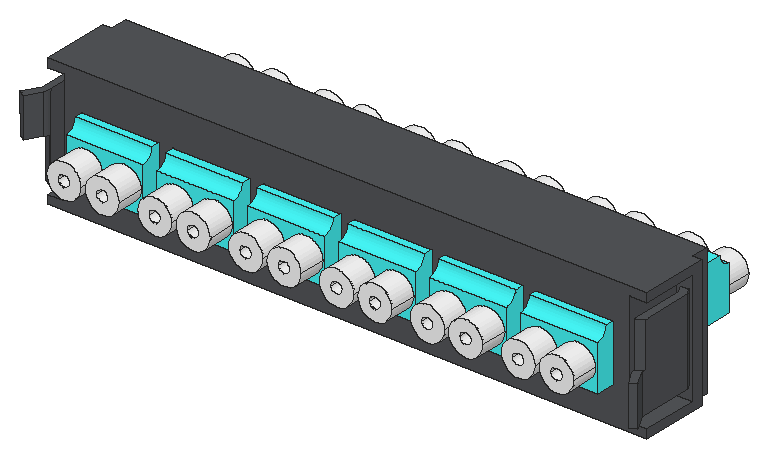
Revit family "LC Duplex 12 fibres", category Installations électriques, Revit 2020
Family settings
  Conserver l'orientation des annotations = Non
  Cote de connecteur circulaire = Utiliser le diamètre
  Type d'élément = Normal
  Basée sur le plan de construction = Non
  Toujours verticalement = Oui
  Couper avec des vides une fois chargée = Non
  Partagée = Non
  Point de calcul de pièce = Non
Parameters (values of type "Blox LC Duplex(AQUA)_POUR_12_FIBRES_MULTIMODE")
  Type de fibre optique = "Multimode"
  Type de connecteur interne = "LC_DUPLEX"
  Type de connecteur externe = "LC_DUPLEX"
  Température de stockage = "-10°C à 60°C"
  Température de fonctionnement = "-10°C à 60°C"
  Référence Legrand = "032137"
  RAL = "9017"
  Profondeur = 38.4 mm
  Nombre de connecteurs = 12
  Lien e-catalogue = "https://www.legrand.fr/reference/032137/pro"
  Libellé BIM = "Bloc LC Duplex aqua 12 fibres multimode"
  Largeur des connecteurs = 13.5 mm
  Largeur de l'ouverture = 6 mm
  Largeur (mm) = 108.8 mm
  IP = "IP20"
  IK = "IK04"
  Hauteur des connecteurs = 10 mm
  Hauteur de l'ouverture = 6.5 mm
  Hauteur = 23 mm
  Fonction = "Panneaux de brassage à connecteur optique Legrand"
  Elévation par défaut = 0 mm
  EAN = "3414971400313"
  Couleur des connecteurs = IDS_CYAN
  Couleur = IDS_NOIR
  Classe ETIM = "EC001130"
Types (4, lengths in mm): name | Type de fibre optique | Type de connecteur interne | Type de connecteur externe | Référence Legrand | Lien e-catalogue | Libellé BIM | EAN | Couleur des connecteurs
  Bloc LC Duplex 12 fibres monomode | "Monomode" | "LC_DUPLEX" | "LC_DUPLEX" | "032114" | "https://www.legrand.fr/reference/032114/pro" | "Bloc LC Duplex 12 fibres monomode" | "3414970961730" | IDS_BLEU
  Bloc LC APC Duplex 12 fibres monomode | "Monomode" | "LC-DUPLEX" | "LC-DUPLEX" | "032116" | "https://www.legrand.fr/reference/032116/pro" | "Bloc LC APC Duplex 12 fibres monomode" | "3414970961778" | IDS_CYAN
  Bloc LC Duplex 12 fibres multimode | "Multimode" | "LC_DUPLEX" | "LC_DUPLEX" | "032124" | "https://www.legrand.fr/reference/032124/pro" | "Bloc LC Duplex 12 fibres multimode" | "3414970961877" | IDS_JAUNE
  Blox LC Duplex(AQUA)_POUR_12_FIBRES_MULTIMODE | "Multimode" | "LC_DUPLEX" | "LC_DUPLEX" | "032137" | "https://www.legrand.fr/reference/032137/pro" | "Bloc LC Duplex aqua 12 fibres multimode" | "3414971400313" | IDS_CYAN
Reference planes
  plane 1 "Centre (avant/arrière)": y = 0
  plane 2: z = 0
  plane 3 "Centre (gauche/droite)": x = 0
  plane 4 "Clip bas": z = 4
  plane 5 "Clip haut": z = 19
  plane 6: x = 105.5
  plane 7: x = 52.75
  plane 8: through (0.797, -2.504, 1200) normal (-0.866, 0.5, 0)
  plane 9: z = 6.5
  plane 10: z = 16.5
  plane 11: z = 6.5
  plane 12: z = 16.5
  plane 13: x = 6
  plane 14: x = 19.5
  plane 15: z = 23
  plane 16: x = 22
  plane 17: x = 35.5
  plane 18: x = 38
  plane 19: x = 51.5
  plane 20: x = 54
  plane 21: x = 67.5
  plane 22: x = 70
  plane 23: x = 83.5
  plane 24: x = 86
  plane 25: x = 99.5
  plane 26: y = -3.5
  plane 27: y = 25.5
  plane 28: z = 10.5
  plane 29: x = 12.75
  plane 30: x = 9.375
  plane 31: x = 16.125
  plane 32: y = 11
  plane 33: z = 10.5
  plane 34: x = 28.75
  plane 35: x = 25.375
  plane 36: x = 32.125
  plane 37: z = 10.5
  plane 38: x = 44.75
  plane 39: x = 41.375
  plane 40: x = 48.125
  plane 41: z = 10.5
  plane 42: x = 60.75
  plane 43: x = 57.375
  plane 44: x = 64.125
  plane 45: z = 10.5
  plane 46: x = 76.75
  plane 47: x = 73.375
  plane 48: x = 80.125
  plane 49: z = 10.5
  plane 50: x = 92.75
  plane 51: x = 89.375
  plane 52: x = 96.125
  plane 53: z = 10.5
  plane 54: x = 12.75
  plane 55: x = 9.375
  plane 56: x = 16.125
  plane 57: z = 10.5
  plane 58: x = 28.75
  plane 59: x = 25.375
  plane 60: x = 32.125
  plane 61: z = 10.5
  plane 62: x = 44.75
  plane 63: x = 41.375
  plane 64: x = 48.125
  plane 65: z = 10.5
  plane 66: x = 60.75
  plane 67: x = 57.375
  plane 68: x = 64.125
  plane 69: z = 10.5
  plane 70: x = 76.75
  plane 71: x = 73.375
  plane 72: x = 80.125
  plane 73: z = 10.5
  plane 74: x = 92.75
  plane 75: x = 89.375
  plane 76: x = 96.125
Forms (mm)
  Extrusion 1, solid, material "IDS_NOIR"
    sketch origin (0, 0, 0) x (1, 0, 0) y (0, 1, 0)
      loop
        line (0, 0) -> (105.5, 0) -> (105.5, 12) -> (103.9, 12) -> (103.9, 15) -> (1.6, 15) -> (1.6, 12) -> (0, 12) -> (0, 0)
    from 0 to 23
  Extrusion 2, void
    sketch origin (0, 0, 0) x (-1, 0, 0) y (0, 0, 1)
      loop
        line (0, 21.5) -> (-3, 21.5) -> (-3, 1.5) -> (0, 1.5) -> (0, 21.5)
      loop
        line (-105.5, 21.5) -> (-105.5, 1.5) -> (-102.5, 1.5) -> (-102.5, 21.5) -> (-105.5, 21.5)
    from 0 to 10
  Extrusion 3, solid, material "IDS_NOIR"
    sketch origin (0, 25.162, 4) x (0, 1, 0) y (-1, 0, 0)
      loop
        line (-29.912, 0.5) -> (-27.374, -0.965)
        arc (-27.374, -0.965) -> (-26.771, -1.215) -> (-26.124, -1.3) r 2.5
        line (-26.124, -1.3) -> (-16.662, -1.3) -> (-15.162, -2.166) -> (-15.162, -0.665) -> (-16.313, 0) -> (-26.446, 0) -> (-29.262, 1.626) -> (-29.912, 0.5)
      loop
        line (-29.912, -106) -> (-29.262, -107.126) -> (-26.446, -105.5) -> (-16.313, -105.5) -> (-15.162, -104.835) -> (-15.162, -103.334) -> (-16.662, -104.2) -> (-26.124, -104.2)
        arc (-26.124, -104.2) -> (-26.771, -104.285) -> (-27.374, -104.535) r 2.5
        line (-27.374, -104.535) -> (-29.912, -106)
    from 0 to 15
  Extrusion 4, void
    sketch origin (0.797, -2.504, 1200) x (0.5, 0.866025, 0) y (0, 0, 1)
      loop
        line (-2.593, -1196) -> (1.407, -1196) -> (1.407, -1188) -> (-2.593, -1188) -> (-2.593, -1196)
    from 0 to -2.615
  Extrusion 5, void
    sketch origin (104.703, -2.504, 1200) x (-0.5, 0.866025, 0) y (0, 0, -1)
      loop
        line (-2.593, 1181) -> (1.407, 1181) -> (1.407, 1189) -> (-2.593, 1189) -> (-2.593, 1181)
    from 0 to -2.615
  Extrusion 6, void
    sketch origin (2.941, 0, 0) x (-1, 0, 0) y (0, 0, 1)
      loop
        line (-3.059, 16.5) -> (-16.559, 16.5) -> (-16.559, 6.5) -> (-3.059, 6.5) -> (-3.059, 16.5)
      loop
        line (-19.059, 6.5) -> (-19.059, 16.5) -> (-32.559, 16.5) -> (-32.559, 6.5) -> (-19.059, 6.5)
      loop
        line (-35.059, 16.5) -> (-48.559, 16.5) -> (-48.559, 6.5) -> (-35.059, 6.5) -> (-35.059, 16.5)
      loop
        line (-51.059, 6.5) -> (-51.059, 16.5) -> (-64.559, 16.5) -> (-64.559, 6.5) -> (-51.059, 6.5)
      loop
        line (-67.059, 6.5) -> (-67.059, 16.5) -> (-80.559, 16.5) -> (-80.559, 6.5) -> (-67.059, 6.5)
      loop
        line (-83.059, 6.5) -> (-83.059, 16.5) -> (-96.559, 16.5) -> (-96.559, 6.5) -> (-83.059, 6.5)
    from 0 to 15
  Extrusion 7, void
    sketch origin (0, 0, 0) x (-1, 0, 0) y (0, 0, 1)
      loop
        line (-6, 6.5) -> (-6, 16.5) -> (-19.5, 16.5) -> (-19.5, 6.5) -> (-6, 6.5)
      loop
        line (-22, 6.5) -> (-22, 16.5) -> (-35.5, 16.5) -> (-35.5, 6.5) -> (-22, 6.5)
      loop
        line (-38, 16.5) -> (-51.5, 16.5) -> (-51.5, 6.5) -> (-38, 6.5) -> (-38, 16.5)
      loop
        line (-54, 6.5) -> (-54, 16.5) -> (-67.5, 16.5) -> (-67.5, 6.5) -> (-54, 6.5)
      loop
        line (-70, 6.5) -> (-70, 16.5) -> (-83.5, 16.5) -> (-83.5, 6.5) -> (-70, 6.5)
      loop
        line (-86, 6.5) -> (-86, 16.5) -> (-99.5, 16.5) -> (-99.5, 6.5) -> (-86, 6.5)
    from 0 to 15
  Extrusion 8, solid, material "IDS_CYAN" <- "Couleur des connecteurs"
    sketch origin (3.167, -3.5, 1200) x (-1, 0, 0) y (0, 0, 1)
      loop
        line (-16.333, -1193.5) -> (-2.833, -1193.5) -> (-2.833, -1183.5) -> (-16.333, -1183.5) -> (-16.333, -1193.5)
      loop
        line (-18.833, -1193.5) -> (-18.833, -1183.5) -> (-32.333, -1183.5) -> (-32.333, -1193.5) -> (-18.833, -1193.5)
      loop
        line (-48.333, -1193.5) -> (-34.833, -1193.5) -> (-34.833, -1183.5) -> (-48.333, -1183.5) -> (-48.333, -1193.5)
      loop
        line (-50.833, -1193.5) -> (-50.833, -1183.5) -> (-64.333, -1183.5) -> (-64.333, -1193.5) -> (-50.833, -1193.5)
      loop
        line (-80.333, -1193.5) -> (-66.833, -1193.5) -> (-66.833, -1183.5) -> (-80.333, -1183.5) -> (-80.333, -1193.5)
      loop
        line (-82.833, -1193.5) -> (-82.833, -1183.5) -> (-96.333, -1183.5) -> (-96.333, -1193.5) -> (-82.833, -1193.5)
    from 0 to 29
  Extrusion 9, void
    sketch origin (6, -1524, 1.878) x (0, 0, 1) y (0, -1, 0)
      loop
        line (14.622, -1522.5) -> (14.622, -1520.5) -> (12.622, -1520.5)
        arc (12.622, -1520.5) -> (13.207, -1521.914) -> (14.622, -1522.5) r 2
      loop
        line (12.622, -1549.5) -> (14.622, -1549.5) -> (14.622, -1547.5)
        arc (14.622, -1547.5) -> (13.207, -1548.086) -> (12.622, -1549.5) r 2
    from 0 to 93.5
  Extrusion 10, solid, material "IDS_BLANC"
    sketch origin (3.167, -3.5, 1200) x (-1, 0, 0) y (0, 0, 1)
      loop
        circle (-6.208, -1189.5) r 3
      loop
        circle (-6.208, -1189.5) r 1
      loop
        circle (-12.958, -1189.5) r 3
      loop
        circle (-12.958, -1189.5) r 1
    from 0 to -4.7
  Extrusion 11, solid, material "IDS_BLANC"
    sketch origin (19.167, -3.5, 1200) x (-1, 0, 0) y (0, 0, 1)
      loop
        circle (-6.208, -1189.5) r 3
      loop
        circle (-6.208, -1189.5) r 1
      loop
        circle (-12.958, -1189.5) r 3
      loop
        circle (-12.958, -1189.5) r 1
    from 0 to -4.7
  Extrusion 12, solid, material "IDS_BLANC"
    sketch origin (35.167, -3.5, 1200) x (-1, 0, 0) y (0, 0, 1)
      loop
        circle (-6.208, -1189.5) r 3
      loop
        circle (-6.208, -1189.5) r 1
      loop
        circle (-12.958, -1189.5) r 3
      loop
        circle (-12.958, -1189.5) r 1
    from 0 to -4.7
  Extrusion 13, solid, material "IDS_BLANC"
    sketch origin (51.167, -3.5, 1200) x (-1, 0, 0) y (0, 0, 1)
      loop
        circle (-6.208, -1189.5) r 3
      loop
        circle (-6.208, -1189.5) r 1
      loop
        circle (-12.958, -1189.5) r 3
      loop
        circle (-12.958, -1189.5) r 1
    from 0 to -4.7
  Extrusion 14, solid, material "IDS_BLANC"
    sketch origin (67.167, -3.5, 1200) x (-1, 0, 0) y (0, 0, 1)
      loop
        circle (-6.208, -1189.5) r 3
      loop
        circle (-6.208, -1189.5) r 1
      loop
        circle (-12.958, -1189.5) r 3
      loop
        circle (-12.958, -1189.5) r 1
    from 0 to -4.7
  Extrusion 15, solid, material "IDS_BLANC"
    sketch origin (83.167, -3.5, 1200) x (-1, 0, 0) y (0, 0, 1)
      loop
        circle (-6.208, -1189.5) r 3
      loop
        circle (-6.208, -1189.5) r 1
      loop
        circle (-12.958, -1189.5) r 3
      loop
        circle (-12.958, -1189.5) r 1
    from 0 to -4.7
  Extrusion 16, solid, material "IDS_BLANC"
    sketch origin (3.167, 25.5, 1200) x (-1, 0, 0) y (0, 0, -1)
      loop
        circle (-6.208, 1189.5) r 3
      loop
        circle (-6.208, 1189.5) r 1
      loop
        circle (-12.958, 1189.5) r 3
      loop
        circle (-12.958, 1189.5) r 1
    from 0 to -4.7
  Extrusion 17, solid, material "IDS_BLANC"
    sketch origin (19.167, 25.5, 1200) x (-1, 0, 0) y (0, 0, -1)
      loop
        circle (-6.208, 1189.5) r 3
      loop
        circle (-6.208, 1189.5) r 1
      loop
        circle (-12.958, 1189.5) r 3
      loop
        circle (-12.958, 1189.5) r 1
    from 0 to -4.7
  Extrusion 18, solid, material "IDS_BLANC"
    sketch origin (35.167, 25.5, 1200) x (-1, 0, 0) y (0, 0, -1)
      loop
        circle (-6.208, 1189.5) r 3
      loop
        circle (-6.208, 1189.5) r 1
      loop
        circle (-12.958, 1189.5) r 3
      loop
        circle (-12.958, 1189.5) r 1
    from 0 to -4.7
  Extrusion 19, solid, material "IDS_BLANC"
    sketch origin (51.167, 25.5, 1200) x (-1, 0, 0) y (0, 0, -1)
      loop
        circle (-6.208, 1189.5) r 3
      loop
        circle (-6.208, 1189.5) r 1
      loop
        circle (-12.958, 1189.5) r 3
      loop
        circle (-12.958, 1189.5) r 1
    from 0 to -4.7
  Extrusion 20, solid, material "IDS_BLANC"
    sketch origin (67.167, 25.5, 1200) x (-1, 0, 0) y (0, 0, -1)
      loop
        circle (-6.208, 1189.5) r 3
      loop
        circle (-6.208, 1189.5) r 1
      loop
        circle (-12.958, 1189.5) r 3
      loop
        circle (-12.958, 1189.5) r 1
    from 0 to -4.7
  Extrusion 21, solid, material "IDS_BLANC"
    sketch origin (83.167, 25.5, 1200) x (-1, 0, 0) y (0, 0, -1)
      loop
        circle (-6.208, 1189.5) r 3
      loop
        circle (-6.208, 1189.5) r 1
      loop
        circle (-12.958, 1189.5) r 3
      loop
        circle (-12.958, 1189.5) r 1
    from 0 to -4.7
Cuts and joins
  Extrusion 2, Extrusion 6, Extrusion 7 cuts Extrusion 1
  Extrusion 4, Extrusion 5 cuts Extrusion 3
  Extrusion 9 cuts Extrusion 8
Dimensions and locks
  locked: plane 1 "Centre (avant/arrière)" to Extrusion 1 sketch curve at 15
  locked: Extrusion 1 sketch curve to Extrusion 1 sketch curve at 105.5
  locked: Extrusion 1 sketch curve to Extrusion 1 sketch curve at 1.6  (x2)
  locked: Extrusion 1 sketch curve to Extrusion 1 sketch curve at 12
  locked: Extrusion 2 sketch curve to level at 1.5
  locked: Extrusion 1 to Extrusion 2 sketch curve at 1.5
  locked: Extrusion 2 sketch curve to plane 3 "Centre (gauche/droite)" at 3
  locked: Extrusion 2 sketch curve to Extrusion 1 at 3
  plane 4 "Clip bas" to level = 4 mm
  cut or joined group of Extrusion 1, Extrusion 2, Extrusion 6, Extrusion 7 to plane 5 "Clip haut" = 4 mm
  locked: Extrusion 3 sketch curve to plane 3 "Centre (gauche/droite)" at 0.5
  locked: Extrusion 3 sketch curve to plane 1 "Centre (avant/arrière)" at 4.75
  locked: plane 3 "Centre (gauche/droite)" to Extrusion 3 sketch curve at 1.3
  plane 1 "Centre (avant/arrière)" to Extrusion 3 sketch curve = 8.5 mm
  equal spacing: plane 3 "Centre (gauche/droite)", plane 7, plane 6, locked at 52.75 each
  locked: Extrusion 3 to Extrusion 4 sketch curve at 4
  locked: Extrusion 3 to Extrusion 4 sketch curve at 8
  cut or joined group of Extrusion 3, Extrusion 4, Extrusion 5 to Extrusion 5 sketch curve = 8 mm
  Extrusion 5 sketch curve to cut or joined group of Extrusion 3, Extrusion 4, Extrusion 5 = 4 mm
  "Hauteur de l'ouverture": plane 9 to level
  "Hauteur des connecteurs": plane 10 to plane 9
  "Hauteur des connecteurs": plane 12 to plane 11
  "Largeur de l'ouverture": plane 13 to plane 3 "Centre (gauche/droite)"
  "Largeur des connecteurs": plane 13 to plane 14
  locked: plane 15 to level at 23
  "Hauteur de l'ouverture": plane 15 to plane 12
  "Largeur des connecteurs": plane 16 to plane 17
  locked: plane 14 to plane 16 at 2.5
  locked: plane 17 to plane 18 at 2.5
  "Largeur des connecteurs": plane 18 to plane 19
  "Largeur de l'ouverture": plane 6 to plane 25
  "Largeur des connecteurs": plane 24 to plane 25
  locked: plane 24 to plane 23 at 2.5
  "Largeur des connecteurs": plane 23 to plane 22
  plane 21 to plane 22 = 2.5 mm
  "Largeur des connecteurs": plane 21 to plane 20
  locked: plane 26 to cut or joined group of Extrusion 1, Extrusion 2, Extrusion 6, Extrusion 7 at 3.5
  locked: plane 27 to cut or joined group of Extrusion 1, Extrusion 2, Extrusion 6, Extrusion 7 at 10.5
  equal spacing: cut or joined group of Extrusion 8, Extrusion 9, plane 29, cut or joined group of Extrusion 8, Extrusion 9
  equal spacing: cut or joined group of Extrusion 8, Extrusion 9, plane 30, plane 29
  equal spacing: cut or joined group of Extrusion 8, Extrusion 9, plane 31, plane 29
  equal spacing: plane 27, plane 32, plane 26
  equal spacing: cut or joined group of Extrusion 8, Extrusion 9, plane 28, cut or joined group of Extrusion 8, Extrusion 9
  plane 35 to plane 34 = 3.375 mm
  plane 36 to plane 34 = 3.375 mm
  plane 39 to plane 38 = 3.375 mm
  plane 40 to plane 38 = 3.375 mm
  plane 43 to plane 42 = 3.375 mm
  plane 44 to plane 42 = 3.375 mm
  plane 47 to plane 46 = 3.375 mm
  plane 48 to plane 46 = 3.375 mm
  plane 51 to plane 50 = 3.375 mm
  plane 52 to plane 50 = 3.375 mm
  plane 55 to plane 54 = 3.375 mm
  plane 56 to plane 54 = 3.375 mm
  plane 59 to plane 58 = 3.375 mm
  plane 60 to plane 58 = 3.375 mm
  plane 63 to plane 62 = 3.375 mm
  plane 64 to plane 62 = 3.375 mm
  plane 67 to plane 66 = 3.375 mm
  plane 68 to plane 66 = 3.375 mm
  plane 71 to plane 70 = 3.375 mm
  plane 72 to plane 70 = 3.375 mm
  plane 75 to plane 74 = 3.375 mm
  plane 76 to plane 74 = 3.375 mm
  radius of Extrusion 9 sketch curve = 2 mm  (x2)
  locked: cut or joined group of Extrusion 1, Extrusion 2, Extrusion 6, Extrusion 7 to Extrusion 3 sketch curve (angle 60.00°)
  aligned and locked: level to plane 2
  aligned and locked: plane 5 "Clip haut" to Extrusion 3
  aligned and locked: Extrusion 3 to plane 4 "Clip bas"
  aligned and locked: plane 6 to cut or joined group of Extrusion 1, Extrusion 2, Extrusion 6, Extrusion 7
  aligned and locked: Extrusion 4 sketch curve to Extrusion 3
  aligned and locked: Extrusion 3 to Extrusion 4 sketch curve
  aligned and locked: plane 8 to Extrusion 3
  aligned and locked: Extrusion 5 sketch curve to cut or joined group of Extrusion 3, Extrusion 4, Extrusion 5
  aligned and locked: plane 15 to cut or joined group of Extrusion 1, Extrusion 2, Extrusion 6, Extrusion 7
  aligned and locked: Extrusion 6 to plane 9
  aligned and locked: plane 10 to Extrusion 6
  aligned and locked: plane 13 to Extrusion 6
  aligned and locked: Extrusion 6 to plane 14
  aligned and locked: plane 9 to Extrusion 6 sketch curve  (x4)
  aligned and locked: Extrusion 6 sketch curve to plane 16
  aligned and locked: Extrusion 6 sketch curve to plane 10  (x4)
  aligned and locked: plane 17 to Extrusion 6 sketch curve
  aligned and locked: plane 10 to Extrusion 6 sketch curve
  aligned and locked: plane 18 to Extrusion 6 sketch curve
  aligned and locked: Extrusion 6 sketch curve to plane 9
  aligned and locked: plane 19 to Extrusion 6 sketch curve
  aligned and locked: Extrusion 6 sketch curve to plane 20
  aligned and locked: Extrusion 6 sketch curve to plane 21
  aligned and locked: Extrusion 6 sketch curve to plane 22
  aligned and locked: Extrusion 6 sketch curve to plane 23
  aligned and locked: Extrusion 6 sketch curve to plane 24
  aligned and locked: Extrusion 6 sketch curve to plane 25
  aligned and locked: plane 11 to Extrusion 7 sketch curve  (x5)
  aligned and locked: Extrusion 7 sketch curve to plane 12  (x5)
  aligned and locked: plane 14 to Extrusion 7 sketch curve
  aligned and locked: Extrusion 7 sketch curve to plane 13
  aligned and locked: Extrusion 7 sketch curve to plane 16
  aligned and locked: plane 17 to Extrusion 7 sketch curve
  aligned and locked: plane 12 to Extrusion 7 sketch curve
  aligned and locked: plane 18 to Extrusion 7 sketch curve
  aligned and locked: Extrusion 7 sketch curve to plane 11
  aligned and locked: plane 19 to Extrusion 7 sketch curve
  aligned and locked: Extrusion 7 sketch curve to plane 20
  aligned and locked: Extrusion 7 sketch curve to plane 21
  aligned and locked: Extrusion 7 sketch curve to plane 22
  aligned and locked: Extrusion 7 sketch curve to plane 23
  aligned and locked: Extrusion 7 sketch curve to plane 24
  aligned and locked: Extrusion 7 sketch curve to plane 25
  aligned and locked: Extrusion 1 to Extrusion 7
  aligned and locked: Extrusion 1 to Extrusion 6
  aligned and locked: Extrusion 2 sketch curve to Extrusion 2 sketch curve  (x2)
  aligned and locked: Extrusion 8 sketch curve to cut or joined group of Extrusion 1, Extrusion 2, Extrusion 6, Extrusion 7  (x6)
  aligned and locked: cut or joined group of Extrusion 1, Extrusion 2, Extrusion 6, Extrusion 7 to Extrusion 8 sketch curve  (x6)
  aligned and locked: plane 27 to Extrusion 8
  aligned and locked: Extrusion 8 to Extrusion 9 sketch curve  (x2)
  aligned and locked: Extrusion 9 to cut or joined group of Extrusion 1, Extrusion 2, Extrusion 6, Extrusion 7
Automatic sketch dimensions
  plane 1 "Centre (avant/arrière)" to Extrusion 1 sketch curve = 0 mm
  Extrusion 1 sketch curve to plane 3 "Centre (gauche/droite)" = 0 mm
  plane 32 to Extrusion 1 sketch curve = 1 mm
  plane 6 to Extrusion 2 sketch curve = 0 mm
  Extrusion 2 sketch curve to plane 3 "Centre (gauche/droite)" = 0 mm
  Extrusion 3 sketch curve to plane 6 = 0 mm
  Extrusion 3 sketch curve to plane 3 "Centre (gauche/droite)" = 0 mm
  Extrusion 3 sketch curve to plane 26 = 1.25 mm
  Extrusion 3 sketch curve to plane 26 = 0.6 mm  (x2)
  plane 3 "Centre (gauche/droite)" to Extrusion 3 sketch curve = 0.965 mm
  plane 26 to Extrusion 3 sketch curve = 1.288 mm
  plane 1 "Centre (avant/arrière)" to Extrusion 3 sketch curve = 1.284 mm
  plane 1 "Centre (avant/arrière)" to Extrusion 3 sketch curve = 0.962 mm  (x2)
  Extrusion 3 sketch curve to plane 32 = 2.5 mm
  Extrusion 3 sketch curve to Extrusion 3 sketch curve = 0.348 mm  (x2)
  Extrusion 3 sketch curve to plane 32 = 1 mm  (x2)
  Extrusion 3 sketch curve to plane 6 = 0.5 mm
  Extrusion 3 sketch curve to plane 6 = 1.2 mm
  plane 6 to Extrusion 3 sketch curve = 0.665 mm
  Extrusion 3 sketch curve to Extrusion 3 sketch curve = 1.501 mm
  Extrusion 3 sketch curve to Extrusion 3 sketch curve = 0.866 mm
  plane 3 "Centre (gauche/droite)" to Extrusion 3 sketch curve = 0.665 mm
  Extrusion 5 sketch curve to Extrusion 5 sketch curve = 4 mm
  Extrusion 6 sketch curve to plane 10 = 0 mm
  plane 14 to Extrusion 6 sketch curve = 0 mm
  Extrusion 6 sketch curve to plane 9 = 0 mm
  plane 13 to Extrusion 6 sketch curve = 0 mm
  Extrusion 8 sketch curve to plane 9 = 0 mm  (x6)
  Extrusion 8 sketch curve to plane 10 = 0 mm  (x6)
  Extrusion 9 sketch curve to plane 10 = 0 mm  (x2)
  Extrusion 10 sketch curve to Extrusion 10 sketch curve = 0 mm  (x4)
  Extrusion 10 sketch curve to plane 28 = 0 mm  (x2)
  plane 31 to Extrusion 10 sketch curve = 0 mm
  Extrusion 10 sketch curve to plane 30 = 0 mm
  Extrusion 11 sketch curve to Extrusion 11 sketch curve = 0 mm  (x4)
  Extrusion 11 sketch curve to plane 33 = 0 mm  (x2)
  plane 36 to Extrusion 11 sketch curve = 0 mm
  Extrusion 11 sketch curve to plane 35 = 0 mm
  Extrusion 12 sketch curve to Extrusion 12 sketch curve = 0 mm  (x4)
  Extrusion 12 sketch curve to plane 37 = 0 mm  (x2)
  plane 40 to Extrusion 12 sketch curve = 0 mm
  Extrusion 12 sketch curve to plane 39 = 0 mm
  Extrusion 13 sketch curve to Extrusion 13 sketch curve = 0 mm  (x4)
  Extrusion 13 sketch curve to plane 41 = 0 mm  (x2)
  plane 44 to Extrusion 13 sketch curve = 0 mm
  Extrusion 13 sketch curve to plane 43 = 0 mm
  Extrusion 14 sketch curve to Extrusion 14 sketch curve = 0 mm  (x4)
  Extrusion 14 sketch curve to plane 45 = 0 mm  (x2)
  plane 48 to Extrusion 14 sketch curve = 0 mm
  Extrusion 14 sketch curve to plane 47 = 0 mm
  Extrusion 15 sketch curve to Extrusion 15 sketch curve = 0 mm  (x4)
  Extrusion 15 sketch curve to plane 49 = 0 mm  (x2)
  plane 52 to Extrusion 15 sketch curve = 0 mm
  Extrusion 15 sketch curve to plane 51 = 0 mm
  Extrusion 16 sketch curve to Extrusion 16 sketch curve = 0 mm  (x4)
  Extrusion 16 sketch curve to plane 53 = 0 mm  (x2)
  plane 56 to Extrusion 16 sketch curve = 0 mm
  Extrusion 16 sketch curve to plane 55 = 0 mm
  Extrusion 17 sketch curve to Extrusion 17 sketch curve = 0 mm  (x4)
  Extrusion 17 sketch curve to plane 57 = 0 mm  (x2)
  plane 60 to Extrusion 17 sketch curve = 0 mm
  Extrusion 17 sketch curve to plane 59 = 0 mm
  Extrusion 18 sketch curve to Extrusion 18 sketch curve = 0 mm  (x4)
  Extrusion 18 sketch curve to plane 61 = 0 mm  (x2)
  plane 64 to Extrusion 18 sketch curve = 0 mm
  Extrusion 18 sketch curve to plane 63 = 0 mm
  Extrusion 19 sketch curve to Extrusion 19 sketch curve = 0 mm  (x4)
  Extrusion 19 sketch curve to plane 65 = 0 mm  (x2)
  plane 68 to Extrusion 19 sketch curve = 0 mm
  Extrusion 19 sketch curve to plane 67 = 0 mm
  Extrusion 20 sketch curve to Extrusion 20 sketch curve = 0 mm  (x4)
  Extrusion 20 sketch curve to plane 69 = 0 mm  (x2)
  plane 72 to Extrusion 20 sketch curve = 0 mm
  Extrusion 20 sketch curve to plane 71 = 0 mm
  Extrusion 21 sketch curve to Extrusion 21 sketch curve = 0 mm  (x4)
  Extrusion 21 sketch curve to plane 73 = 0 mm  (x2)
  plane 76 to Extrusion 21 sketch curve = 0 mm
  Extrusion 21 sketch curve to plane 75 = 0 mm
  radius of Extrusion 10 sketch curve = 3 mm  (x2)
  radius of Extrusion 10 sketch curve = 1 mm  (x2)
  radius of Extrusion 11 sketch curve = 3 mm  (x2)
  radius of Extrusion 11 sketch curve = 1 mm  (x2)
  radius of Extrusion 12 sketch curve = 3 mm  (x2)
  radius of Extrusion 12 sketch curve = 1 mm  (x2)
  radius of Extrusion 13 sketch curve = 3 mm  (x2)
  radius of Extrusion 13 sketch curve = 1 mm  (x2)
  radius of Extrusion 14 sketch curve = 3 mm  (x2)
  radius of Extrusion 14 sketch curve = 1 mm  (x2)
  radius of Extrusion 15 sketch curve = 3 mm  (x2)
  radius of Extrusion 15 sketch curve = 1 mm  (x2)
  radius of Extrusion 16 sketch curve = 3 mm  (x2)
  radius of Extrusion 16 sketch curve = 1 mm  (x2)
  radius of Extrusion 17 sketch curve = 3 mm  (x2)
  radius of Extrusion 17 sketch curve = 1 mm  (x2)
  radius of Extrusion 18 sketch curve = 3 mm  (x2)
  radius of Extrusion 18 sketch curve = 1 mm  (x2)
  radius of Extrusion 19 sketch curve = 3 mm  (x2)
  radius of Extrusion 19 sketch curve = 1 mm  (x2)
  radius of Extrusion 20 sketch curve = 3 mm  (x2)
  radius of Extrusion 20 sketch curve = 1 mm  (x2)
  radius of Extrusion 21 sketch curve = 3 mm  (x2)
  radius of Extrusion 21 sketch curve = 1 mm  (x2)
